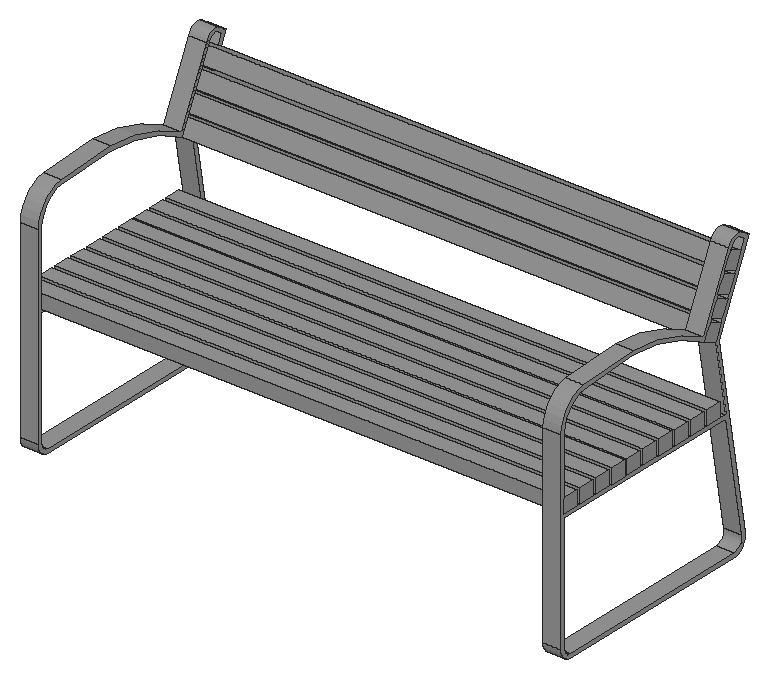
Revit family "Скамейка стальная «Лукс» Арт 12978", category Антураж, Revit 2018
Family settings
  На основе рабочей плоскости = Нет
  Всегда вертикально = Да
  При загрузке вырезать с полостями = Нет
  Источник визуального образа = Геометрия семейства
  Общий = Нет
  Точка расчета площади = Нет
Parameters (values of type "Версия 1,5 м")
  Ширина = 650 mm  # constant formula
  Цвет сидения = Сосна
  Цвет опоры = Сталь
  Описание = if([Версия 1,5 м], "Скамейка стальная «Лукс». Версия 1,5 м", if([Версия 1,5 м (композит)], "Скамейка стальная «Лукс». Версия 1,5 м (композит)", if([Версия 1,8 м], "Скамейка стальная «Лукс». Версия 1,8 м", "Скамейка стальная «Лукс». Версия 1,8 м (композит)")))  # "Скамейка стальная «Лукс». Версия 1,5 м"
  Материал изделия = if(or([Версия 1,5 м], [Версия 1,8 м]), "Сталь, дерево", "Сталь, композитные материалы")  # "Сталь, дерево"
  Изображение типоразмера = Скамейка стальная «Лукс» Арт 12978.jpg
  Изготовитель = "ООО «Хоббика»"  # constant formula
  Длина = if(or([Версия 1,5 м], [Версия 1,5 м (композит)]), 1500 mm, 1800 mm)  # 1500 mm
  Группа модели = "Садовые скамейки"  # constant formula
  Высота = 800 mm  # constant formula
  Версия 1,8 м (композит) = not(or([Версия 1,5 м], [Версия 1,5 м (композит)], [Версия 1,8 м]))  # no
  Версия 1,8 м = no
  Версия 1,5 м (композит) = no
  Версия 1,5 м = yes
  Артикул товара = "Арт. 12978"  # constant formula
  URL = "https://hobbyka.ru/product/skameyka_ulichnaya_so_spinkoy_luks/"
Types (5, lengths in mm): name | Цвет сидения | Описание | Материал изделия | Длина | Версия 1,8 м (композит) | Версия 1,8 м | Версия 1,5 м (композит) | Версия 1,5 м
  (no name) | Сосна | "Скамейка стальная «Лукс». Версия 1,5 м" | "Сталь, дерево" | 1500 | no | no | no | yes
  Версия 1,5 м | Сосна | "Скамейка стальная «Лукс». Версия 1,5 м" | "Сталь, дерево" | 1500 | no | no | no | yes
  Версия 1,8 м | Сосна | "Скамейка стальная «Лукс». Версия 1,8 м" | "Сталь, дерево" | 1800 | no | yes | no | no
  Версия 1,5 м (композит) | Композитные материалы | "Скамейка стальная «Лукс». Версия 1,5 м (композит)" | "Сталь, композитные материалы" | 1500 | no | no | yes | no
  Версия 1,8 м (композит) | Композитные материалы | "Скамейка стальная «Лукс». Версия 1,8 м (композит)" | "Сталь, композитные материалы" | 1800 | yes | no | no | no
Reference planes
  plane 1 "По центру (Вперед/Назад)": y = 0
  plane 2: z = 0
  plane 3 "По центру (Влево/Вправо)": x = 0
  plane 4: y = 650
  plane 5: x = 1500
  plane 6: z = 800
  plane 7: x = 50
  plane 8: x = 1450
Forms (mm)
  Extrusion 1, solid, material "Сталь" <- "Цвет опоры"
    sketch origin (0, -50, 0) x (0, 1, 0) y (0, 0, 1)
      loop
        arc (302.18, 666.413) -> (216.025, 666.739) -> (130.296, 658.178) r 834.209
        arc (130.296, 658.178) -> (74.21, 627.939) -> (50, 569.001) r 94.655
        line (50, 569.001) -> (50, 35.064)
        arc (50, 35.064) -> (60.27, 10.27) -> (85.064, 0) r 35.064
        line (85.064, 0) -> (655.064, 0)
        arc (655.064, 0) -> (681, 16.523) -> (687.656, 46.546) r 40.18
        line (687.656, 46.546) -> (596.491, 562.507) -> (700, 784.182) -> (672.603, 800)
        arc (672.603, 800) -> (648.832, 796.22) -> (633.074, 778.027) r 35.129
        line (633.074, 778.027) -> (546.698, 594.236)
        arc (546.698, 594.236) -> (428.944, 645.587) -> (302.18, 666.413) r 518.517
      loop
        line (586.194, 563.317) -> (687.861, 779.643) -> (668.659, 791.574)
        arc (668.659, 791.574) -> (651.31, 788.31) -> (639.954, 774.793) r 26.242
        line (639.954, 774.793) -> (548.968, 581.194)
        arc (548.968, 581.194) -> (429.819, 634.901) -> (300.916, 656.467) r 508.531
        arc (300.916, 656.467) -> (216.148, 656.734) -> (131.802, 648.292) r 824.209
        arc (131.802, 648.292) -> (81.717, 621.332) -> (60, 568.762) r 84.655
        line (60, 568.762) -> (60, 368.38) -> (620.567, 368.38) -> (586.194, 563.317)
      loop
        line (677.808, 44.81) -> (622.33, 358.38) -> (60, 358.38) -> (60, 35.064)
        arc (60, 35.064) -> (67.341, 17.341) -> (85.064, 10) r 25.064
        line (85.064, 10) -> (654.126, 10)
        arc (654.126, 10) -> (673.04, 22.593) -> (677.808, 44.81) r 30.18
    from 0 to 50
  Extrusion 2, solid, material "Сосна" <- "Цвет сидения"
    sketch origin (0, 0, 0) x (0, 1, 0) y (0, 0, 1)
      loop
        line (55, 368.38) -> (55, 408.936) -> (10, 408.936) -> (10, 368.38) -> (55, 368.38)
      loop
        line (110, 368.38) -> (110, 408.936) -> (65, 408.936) -> (65, 368.38) -> (110, 368.38)
      loop
        line (165, 368.38) -> (165, 408.936) -> (120, 408.936) -> (120, 368.38) -> (165, 368.38)
      loop
        line (220, 368.38) -> (220, 408.936) -> (175, 408.936) -> (175, 368.38) -> (220, 368.38)
      loop
        line (275, 368.38) -> (275, 408.936) -> (230, 408.936) -> (230, 368.38) -> (275, 368.38)
      loop
        line (330, 368.38) -> (330, 408.936) -> (285, 408.936) -> (285, 368.38) -> (330, 368.38)
      loop
        line (385, 368.38) -> (385, 408.936) -> (340, 408.936) -> (340, 368.38) -> (385, 368.38)
      loop
        line (440, 368.38) -> (440, 408.936) -> (395, 408.936) -> (395, 368.38) -> (440, 368.38)
      loop
        line (495, 368.38) -> (495, 408.936) -> (450, 408.936) -> (450, 368.38) -> (495, 368.38)
      loop
        line (550, 368.38) -> (550, 408.936) -> (505, 408.936) -> (505, 368.38) -> (550, 368.38)
      loop
        line (625.515, 753.374) -> (588.142, 770.939) -> (569.002, 730.212) -> (606.375, 712.648) -> (625.515, 753.374)
      loop
        line (602.122, 703.597) -> (564.749, 721.162) -> (545.608, 680.435) -> (582.981, 662.871) -> (602.122, 703.597)
      loop
        line (578.728, 653.821) -> (541.355, 671.385) -> (522.215, 630.658) -> (559.588, 613.094) -> (578.728, 653.821)
      loop
        line (555.334, 604.044) -> (517.961, 621.608) -> (498.821, 580.881) -> (536.194, 563.317) -> (555.334, 604.044)
    from 0 to 1500
  Extrusion 3, solid, material "Сталь" <- "Цвет опоры"
    sketch origin (0, -50, 0) x (0, 1, 0) y (0, 0, 1)
      loop
        arc (302.18, 666.413) -> (216.025, 666.739) -> (130.296, 658.178) r 834.209
        arc (130.296, 658.178) -> (74.21, 627.939) -> (50, 569.001) r 94.655
        line (50, 569.001) -> (50, 35.064)
        arc (50, 35.064) -> (60.27, 10.27) -> (85.064, 0) r 35.064
        line (85.064, 0) -> (655.064, 0)
        arc (655.064, 0) -> (681, 16.523) -> (687.656, 46.546) r 40.18
        line (687.656, 46.546) -> (596.491, 562.507) -> (700, 784.182) -> (672.603, 800)
        arc (672.603, 800) -> (648.832, 796.22) -> (633.074, 778.027) r 35.129
        line (633.074, 778.027) -> (546.698, 594.236)
        arc (546.698, 594.236) -> (428.944, 645.587) -> (302.18, 666.413) r 518.517
      loop
        line (586.194, 563.317) -> (687.861, 779.643) -> (668.659, 791.574)
        arc (668.659, 791.574) -> (651.31, 788.31) -> (639.954, 774.793) r 26.242
        line (639.954, 774.793) -> (548.968, 581.194)
        arc (548.968, 581.194) -> (429.819, 634.901) -> (300.916, 656.467) r 508.531
        arc (300.916, 656.467) -> (216.148, 656.734) -> (131.802, 648.292) r 824.209
        arc (131.802, 648.292) -> (81.717, 621.332) -> (60, 568.762) r 84.655
        line (60, 568.762) -> (60, 368.38) -> (620.567, 368.38) -> (586.194, 563.317)
      loop
        line (677.808, 44.81) -> (622.33, 358.38) -> (60, 358.38) -> (60, 35.064)
        arc (60, 35.064) -> (67.341, 17.341) -> (85.064, 10) r 25.064
        line (85.064, 10) -> (654.126, 10)
        arc (654.126, 10) -> (673.04, 22.593) -> (677.808, 44.81) r 30.18
    from 1450 to 1500
Dimensions and locks
  "Длина": plane 3 "По центру (Влево/Вправо)" to plane 5
  "Ширина": plane 4 to plane 1 "По центру (Вперед/Назад)"
  "Высота": plane 6 to plane 2
  locked: plane 3 "По центру (Влево/Вправо)" to plane 7 at 50
  locked: plane 8 to plane 5 at 50
  aligned and locked: level to plane 2
  aligned and locked: plane 7 to Extrusion 1
  aligned and locked: Extrusion 2 to plane 3 "По центру (Влево/Вправо)"
  aligned and locked: plane 5 to Extrusion 2
  aligned and locked: plane 5 to Extrusion 3
  aligned and locked: Extrusion 3 to plane 8
Automatic sketch dimensions
  Extrusion 1 sketch curve to Extrusion 1 sketch curve = 0 mm  (x12)
  Extrusion 1 sketch curve to plane 1 "По центру (Вперед/Назад)" = 0 mm
  Extrusion 1 sketch curve to level = 0 mm
  Extrusion 1 sketch curve to plane 6 = 0 mm
  Extrusion 1 sketch curve to plane 4 = 0 mm
  Extrusion 1 sketch curve to Extrusion 1 sketch curve = 10 mm  (x2)
  Extrusion 1 sketch curve to plane 1 "По центру (Вперед/Назад)" = 10 mm
  Extrusion 1 sketch curve to plane 1 "По центру (Вперед/Назад)" = 35.064 mm
  Extrusion 1 sketch curve to Extrusion 1 sketch curve = 84.553 mm
  Extrusion 1 sketch curve to plane 1 "По центру (Вперед/Назад)" = 205.944 mm
  Extrusion 1 sketch curve to Extrusion 1 sketch curve = 197.087 mm
  Extrusion 1 sketch curve to plane 4 = 153.302 mm
  Extrusion 1 sketch curve to Extrusion 1 sketch curve = 2.27 mm
  Extrusion 1 sketch curve to Extrusion 1 sketch curve = 37.226 mm
  Extrusion 1 sketch curve to Extrusion 1 sketch curve = 10.297 mm
  Extrusion 1 sketch curve to plane 4 = 79.433 mm
  Extrusion 1 sketch curve to Extrusion 1 sketch curve = 1.763 mm
  Extrusion 1 sketch curve to plane 6 = 21.973 mm
  Extrusion 1 sketch curve to plane 4 = 66.926 mm
  Extrusion 1 sketch curve to plane 6 = 25.207 mm
  Extrusion 1 sketch curve to Extrusion 1 sketch curve = 6.88 mm
  Extrusion 1 sketch curve to plane 4 = 51.913 mm
  Extrusion 1 sketch curve to Extrusion 1 sketch curve = 6.039 mm
  Extrusion 1 sketch curve to Extrusion 1 sketch curve = 0.938 mm
  Extrusion 1 sketch curve to Extrusion 1 sketch curve = 24.599 mm
  Extrusion 1 sketch curve to Extrusion 1 sketch curve = 1.346 mm
  Extrusion 1 sketch curve to plane 6 = 8.426 mm
  Extrusion 1 sketch curve to Extrusion 1 sketch curve = 2.76 mm
  Extrusion 1 sketch curve to Extrusion 1 sketch curve = 3.943 mm
  Extrusion 1 sketch curve to plane 4 = 22.192 mm
  Extrusion 1 sketch curve to Extrusion 1 sketch curve = 9.848 mm
  Extrusion 1 sketch curve to plane 4 = 12.139 mm
  Extrusion 1 sketch curve to level = 166.514 mm
  Extrusion 1 sketch curve to Extrusion 1 sketch curve = 29.569 mm
  level to Extrusion 1 sketch curve = 148.283 mm
  Extrusion 1 sketch curve to Extrusion 1 sketch curve = 210.097 mm
  Extrusion 1 sketch curve to Extrusion 1 sketch curve = 194.127 mm
  Extrusion 1 sketch curve to Extrusion 1 sketch curve = 0.81 mm
  Extrusion 1 sketch curve to Extrusion 1 sketch curve = 196.223 mm
  Extrusion 1 sketch curve to Extrusion 1 sketch curve = 4.159 mm
  Extrusion 1 sketch curve to Extrusion 1 sketch curve = 0.239 mm
  Extrusion 1 sketch curve to Extrusion 1 sketch curve = 17.877 mm
  Extrusion 1 sketch curve to Extrusion 1 sketch curve = 13.042 mm
  Extrusion 1 sketch curve to plane 6 = 20.357 mm
  Extrusion 1 sketch curve to Extrusion 1 sketch curve = 4.539 mm
  Extrusion 2 sketch curve to plane 1 "По центру (Вперед/Назад)" = 10 mm
  Extrusion 2 sketch curve to Extrusion 2 sketch curve = 45 mm  (x10)
  Extrusion 2 sketch curve to Extrusion 2 sketch curve = 10 mm  (x9)
  Extrusion 2 sketch curve to plane 4 = 151.179 mm
  Extrusion 2 sketch curve to Extrusion 2 sketch curve = 19.14 mm  (x4)
  Extrusion 2 sketch curve to Extrusion 2 sketch curve = 4.253 mm  (x6)
  Extrusion 2 sketch curve to Extrusion 2 sketch curve = 37.373 mm
  Extrusion 2 sketch curve to plane 6 = 29.061 mm
  Extrusion 2 sketch curve to Extrusion 2 sketch curve = 17.564 mm
  Extrusion 2 sketch curve to Extrusion 2 sketch curve = 9.05 mm  (x6)
  Extrusion 2 sketch curve to plane 6 = 391.064 mm
  Extrusion 2 sketch curve to Extrusion 2 sketch curve = 154.381 mm
  Extrusion 2 sketch curve to Extrusion 2 sketch curve = 0 mm  (x12)
  Extrusion 2 sketch curve to Extrusion 2 sketch curve = 40.556 mm  (x6)
  Extrusion 3 sketch curve to Extrusion 3 sketch curve = 0 mm  (x12)
  Extrusion 3 sketch curve to plane 1 "По центру (Вперед/Назад)" = 0 mm
  Extrusion 3 sketch curve to level = 0 mm
  Extrusion 3 sketch curve to plane 6 = 0 mm
  Extrusion 3 sketch curve to plane 4 = 0 mm
  Extrusion 3 sketch curve to Extrusion 3 sketch curve = 10 mm  (x2)
  Extrusion 3 sketch curve to plane 1 "По центру (Вперед/Назад)" = 10 mm
  Extrusion 3 sketch curve to plane 1 "По центру (Вперед/Назад)" = 35.064 mm
  Extrusion 3 sketch curve to Extrusion 3 sketch curve = 84.553 mm
  Extrusion 3 sketch curve to plane 1 "По центру (Вперед/Назад)" = 205.944 mm
  Extrusion 3 sketch curve to Extrusion 3 sketch curve = 197.087 mm
  Extrusion 3 sketch curve to plane 4 = 153.302 mm
  Extrusion 3 sketch curve to Extrusion 3 sketch curve = 2.27 mm
  Extrusion 3 sketch curve to Extrusion 3 sketch curve = 37.226 mm
  Extrusion 3 sketch curve to Extrusion 3 sketch curve = 10.297 mm
  Extrusion 3 sketch curve to plane 4 = 79.433 mm
  Extrusion 3 sketch curve to Extrusion 3 sketch curve = 1.763 mm
  Extrusion 3 sketch curve to plane 6 = 21.973 mm
  Extrusion 3 sketch curve to plane 4 = 66.926 mm
  Extrusion 3 sketch curve to plane 6 = 25.207 mm
  Extrusion 3 sketch curve to Extrusion 3 sketch curve = 6.88 mm
  Extrusion 3 sketch curve to plane 4 = 51.913 mm
  Extrusion 3 sketch curve to Extrusion 3 sketch curve = 6.039 mm
  Extrusion 3 sketch curve to Extrusion 3 sketch curve = 0.938 mm
  Extrusion 3 sketch curve to Extrusion 3 sketch curve = 24.599 mm
  Extrusion 3 sketch curve to Extrusion 3 sketch curve = 1.346 mm
  Extrusion 3 sketch curve to plane 6 = 8.426 mm
  Extrusion 3 sketch curve to Extrusion 3 sketch curve = 2.76 mm
  Extrusion 3 sketch curve to Extrusion 3 sketch curve = 3.943 mm
  Extrusion 3 sketch curve to plane 4 = 22.192 mm
  Extrusion 3 sketch curve to Extrusion 3 sketch curve = 9.848 mm
  Extrusion 3 sketch curve to plane 4 = 12.139 mm
  Extrusion 3 sketch curve to level = 166.514 mm
  Extrusion 3 sketch curve to Extrusion 3 sketch curve = 29.569 mm
  level to Extrusion 3 sketch curve = 148.283 mm
  Extrusion 3 sketch curve to Extrusion 3 sketch curve = 210.097 mm
  Extrusion 3 sketch curve to Extrusion 3 sketch curve = 194.127 mm
  Extrusion 3 sketch curve to Extrusion 3 sketch curve = 0.81 mm
  Extrusion 3 sketch curve to Extrusion 3 sketch curve = 196.223 mm
  Extrusion 3 sketch curve to Extrusion 3 sketch curve = 4.159 mm
  Extrusion 3 sketch curve to Extrusion 3 sketch curve = 0.239 mm
  Extrusion 3 sketch curve to Extrusion 3 sketch curve = 17.877 mm
  Extrusion 3 sketch curve to Extrusion 3 sketch curve = 13.042 mm
  Extrusion 3 sketch curve to plane 6 = 20.357 mm
  Extrusion 3 sketch curve to Extrusion 3 sketch curve = 4.539 mm
